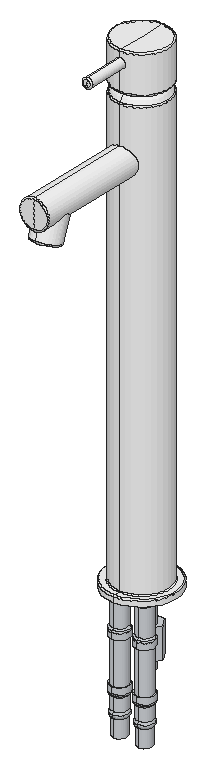
Revit family "Reece_Tap_Sussex_Scala Mini_Basin Mixer", category Plumbing Fixtures, host Face, Revit 2018
Family settings
  Host = Face
  Round Connector Dimension = Use Diameter
  Part Type = Normal
  Cut with Voids When Loaded = No
  Shared = Yes
  Room Calculation Point = Yes
Parameters (values of type "235 mm_Chrome")
  WFU = 0  # constant formula
  URL = "https://www.reece.com.au/product/-225950"
  Type Comments = "Tap"
  Reece_Tap_Reach = 78 mm  # constant formula
  Reece_Tap_Inlet = 12 mm  # constant formula
  Reece_Tap_Clearance = 235 mm
  Reece_Product_Web Page = "https://www.reece.com.au/product/-225950"
  Reece_Product_Type = "Tap"  # constant formula
  Reece_Product_Sub Brand = "Scala Mini"  # constant formula
  Reece_Product_Number = "225950"
  Reece_Product_Mount = "Hob Mounted"
  Reece_Product_Description = "Sussex Scala Mini Extended Basin Mixer Tap Chrome (5 Star)"
  Reece_Product_Brand = "Sussex"  # constant formula
  Reece_Overall_Height = 320 mm
  Reece_Overall_Diameter = 45 mm  # constant formula
  Reece_Material_Main = Reece_Brass_Chrome
  Reece_Detail_Type = "Basin Mixer"  # constant formula
  Reece_Detail_Disclaimer = "THIS FILE IS THE PROPERTY OF THE REECE GROUP. IT MAY NOT BE REPRODUCED, REVERSE-ENGINEERED OR MODIFIED. ANY REPUBLICATION, TRANSMISSION OR DISTRIBUTION FOR THE PURPOSE OF COMMERCIALLY EXPLOITING THE FILES IS PROHIBITED."  # constant formula
  Reece_Detail_Additional = "Extended"
  Model = "Scala Mini"
  Manufacturer = "Sussex"
  Keynote = "Product #225950, Reece_Tap_Sussex_Scala Mini_Basin Mixer - 235 mm_Chrome"
  HWFU = 0  # constant formula
  Disclaimer = "THIS FILE IS THE PROPERTY OF THE REECE GROUP. IT MAY NOT BE REPRODUCED, REVERSE-ENGINEERED OR MODIFIED. ANY REPUBLICATION, TRANSMISSION OR DISTRIBUTION FOR THE PURPOSE OF COMMERCIALLY EXPLOITING THE FILES IS PROHIBITED."  # constant formula
  Description = "Scala Mini Extended Basin Mixer Tap Chrome (5 Star)"
  Default Elevation = 1000 mm
  CWFU = 0  # constant formula
Types (4, lengths in mm): name | URL | Reece_Tap_Clearance | Reece_Product_Web Page | Reece_Product_Number | Reece_Product_Description | Reece_Overall_Height | Reece_Material_Main | Reece_Detail_Additional | Keynote | Description
  70 mm_Chrome | "https://www.reece.com.au/product/-225940" | 70 | "https://www.reece.com.au/product/-225940" | "225940" | "Sussex Scala Mini Basin Mixer Tap Chrome (5 Star)" | 160 | Reece_Brass_Chrome | "" | "Product #225940, Reece_Tap_Sussex_Scala Mini_Basin Mixer - 70 mm_Chrome" | "Scala Mini Basin Mixer Tap Chrome (5 Star)"
  70 mm_PVD Brushed Platinum Gold | "https://www.reece.com.au/product/-2268214" | 70 | "https://www.reece.com.au/product/-2268214" | "2268214" | "Sussex Scala Mini Basin Mixer Tap LUX PVD Brushed Platinum Gold (5 Star)" | 160 | Reece_PVD_Brushed_Platinum Gold | "" | "Product #2268214, Reece_Tap_Sussex_Scala Mini_Basin Mixer - 70 mm_PVD Brushed Platinum Gold" | "Scala Mini Basin Mixer Tap LUX PVD Brushed Platinum Gold (5 Star)"
  235 mm_Chrome | "https://www.reece.com.au/product/-225950" | 235 | "https://www.reece.com.au/product/-225950" | "225950" | "Sussex Scala Mini Extended Basin Mixer Tap Chrome (5 Star)" | 320 | Reece_Brass_Chrome | "Extended" | "Product #225950, Reece_Tap_Sussex_Scala Mini_Basin Mixer - 235 mm_Chrome" | "Scala Mini Extended Basin Mixer Tap Chrome (5 Star)"
  235 mm_PVD Brushed Platinum Gold | "https://www.reece.com.au/product/-2268215" | 235 | "https://www.reece.com.au/product/-2268215" | "2268215" | "Sussex Scala Mini Extended Basin Mixer Tap LUX PVD Brushed Platinum Gold (5 Star)" | 320 | Reece_PVD_Brushed_Platinum Gold | "Extended" | "Product #2268215, Reece_Tap_Sussex_Scala Mini_Basin Mixer - 235 mm_PVD Brushed Platinum Gold" | "Scala Mini Extended Basin Mixer Tap LUX PVD Brushed Platinum Gold (5 Star)"
Reference planes
  plane 1 "Center (Front/Back)": y = 0
  plane 2 "Bottom": z = 0
  plane 3 "Center (Left/Right)": x = 0
  plane 4 "Top": z = 320
  plane 5: z = 235
  plane 6: z = 289
  plane 7: z = 295
  plane 8: y = -78
  plane 9: z = 254.6
  plane 10: x = 17.5
  plane 11: x = -17.5
  plane 12: x = -22.5
  plane 13: x = 22.5
  plane 14: y = -87.5
  plane 15: y = 17.5
Forms (mm)
  Revolve 1, solid, material "Reece_Brass_Chrome" <- "Reece_Material_Main"
    sketch origin (0, 0, 0) x (0, 1, 0) y (0, 0, 1)
      loop
        line (-15.193, 0) -> (-15.193, 1.889) -> (0, 1.889) -> (0, 289) -> (-16.959, 289)
        arc (-16.959, 289) -> (-17.337, 288.844) -> (-17.493, 288.466) r 0.534
        line (-17.493, 288.466) -> (-17.493, 4.6)
        arc (-17.493, 4.6) -> (-17.669, 4.176) -> (-18.093, 4) r 0.6
        line (-18.093, 4) -> (-21.9, 4)
        arc (-21.9, 4) -> (-22.324, 3.824) -> (-22.5, 3.4) r 0.6
        line (-22.5, 3.4) -> (-22.5, 0) -> (-15.193, 0)
      axis (0, 289) -> (0, 0)
    angle from 0 to 360
  Revolve 2, solid, material "Reece_Brass_Chrome" <- "Reece_Material_Main"
    sketch origin (0, 64.5, 100) x (0, 0, -1) y (0, 1, 0)
      loop
        line (-189, -81.242) -> (-189, -64.5) -> (-195.595, -64.5) -> (-195.595, -76.454)
        arc (-195.595, -76.454) -> (-192.725, -79.437) -> (-189, -81.242) r 11.773
      axis (-195.595, -64.5) -> (-189, -64.5)
    angle from 0 to 360
  Revolve 3, solid, material "Reece_Brass_Chrome" <- "Reece_Material_Main"
    sketch origin (0, 64.5, 100) x (0, 0, -1) y (0, 1, 0)
      loop
        line (-212.2, -109) -> (-212.2, -73.2) -> (-215.35, -73.2) -> (-215.35, -108.385)
        arc (-215.35, -108.385) -> (-215.17, -108.82) -> (-214.735, -109) r 0.615
        line (-214.735, -109) -> (-212.2, -109)
      axis (-212.2, -109) -> (-212.2, -73.2)
    angle from 0 to 360
  Revolve 4, solid, material "Reece_Brass_Chrome" <- "Reece_Material_Main"
    sketch origin (0, 0, 19.6) x (0, 1, 0) y (0, 0, 1)
      loop
        line (0, 235) -> (0, 244.5) -> (-86.999, 244.5)
        arc (-86.999, 244.5) -> (-87.353, 244.353) -> (-87.5, 243.999) r 0.501
        line (-87.5, 243.999) -> (-87.5, 235) -> (0, 235)
      axis (0, 235) -> (-87.5, 235)
    angle from 0 to 360
  Revolve 5, solid, material "Reece_Brass_Chrome" <- "Reece_Material_Main"
    sketch origin (0, -27.039, -21.581) x (0, 0.945519, -0.325568) y (0, 0.325568, 0.945519)
      loop
        line (-139.219, 226.011) -> (-139.219, 226.829) -> (-138.402, 226.829) -> (-138.12, 226.011) -> (-131.719, 226.011) -> (-131.719, 248.687) -> (-140.719, 248.687) -> (-140.719, 226.588)
        arc (-140.719, 226.588) -> (-140.55, 226.18) -> (-140.141, 226.011) r 0.578
        line (-140.141, 226.011) -> (-139.219, 226.011)
      axis (-131.719, 248.687) -> (-131.719, 226.011)
    angle from 0 to 360
  Extrusion 6, void
    sketch origin (0, 0, 0) x (1, 0, 0) y (0, 1, 0)
      loop
        circle (0, 0) r 15.193
    from -15.592 to 15.518
  Revolve 7, solid
    sketch origin (0, -6.983, -4.38) x (0, 1, 0) y (0, 0, 1)
      loop
        line (11.924, 6.27) -> (11.924, -47)
        arc (11.924, -47) -> (12.07, -47.353) -> (12.424, -47.5) r 0.5
        line (12.424, -47.5) -> (14.924, -47.5) -> (14.924, 6.27) -> (11.924, 6.27)
      axis (14.924, -47.5) -> (14.924, 6.27)
    angle from 0 to 360
  Extrusion 8, solid
    sketch origin (619.2, -626.183, -34.38) x (1, 0, 0) y (0, 1, 0)
      loop
        circle (-619.2, 634.124) r 3
      loop
        line (-622.996, 640.698) -> (-626.791, 634.124) -> (-622.996, 627.549) -> (-615.404, 627.549) -> (-611.609, 634.124) -> (-615.404, 640.698) -> (-622.996, 640.698)
    from -10 to 10
  Revolve 9, solid
    sketch origin (-8.271, -4579.5, 333.442) x (0, 0, 1) y (0, -1, 0)
      loop
        line (-389.647, -4565.8) -> (-393.549, -4565.8)
        arc (-393.549, -4565.8) -> (-394.023, -4565.877) -> (-394.449, -4566.101) r 1.5
        line (-394.449, -4566.101) -> (-395.687, -4567.03) -> (-404.047, -4567.03) -> (-406.076, -4566.425)
        arc (-406.076, -4566.425) -> (-407.469, -4566.518) -> (-408.462, -4567.5) r 2
        line (-408.462, -4567.5) -> (-419.774, -4567.5) -> (-419.774, -4572) -> (-331.553, -4572) -> (-331.553, -4568.64) -> (-338.011, -4568.64) -> (-338.011, -4567.03) -> (-355.506, -4567.03) -> (-356.743, -4566.101)
        arc (-356.743, -4566.101) -> (-357.169, -4565.877) -> (-357.644, -4565.8) r 1.5
        line (-357.644, -4565.8) -> (-361.546, -4565.8) -> (-361.546, -4567) -> (-389.647, -4567) -> (-389.647, -4565.8)
      axis (-419.774, -4572) -> (-331.553, -4572)
    angle from 0 to 360
  Revolve 10, solid
    sketch origin (8.029, -4579.5, 333.442) x (0, 0, 1) y (0, 1, 0)
      loop
        line (-389.647, 4565.8) -> (-389.647, 4567) -> (-361.546, 4567) -> (-361.546, 4565.8) -> (-357.644, 4565.8)
        arc (-357.644, 4565.8) -> (-357.169, 4565.877) -> (-356.743, 4566.101) r 1.5
        line (-356.743, 4566.101) -> (-355.506, 4567.03) -> (-338.011, 4567.03) -> (-338.011, 4568.64) -> (-331.553, 4568.64) -> (-331.553, 4572) -> (-419.774, 4572) -> (-419.774, 4567.5) -> (-408.462, 4567.5)
        arc (-408.462, 4567.5) -> (-407.469, 4566.518) -> (-406.076, 4566.425) r 2
        line (-406.076, 4566.425) -> (-404.047, 4567.03) -> (-395.687, 4567.03) -> (-394.449, 4566.101)
        arc (-394.449, 4566.101) -> (-394.023, 4565.877) -> (-393.549, 4565.8) r 1.5
        line (-393.549, 4565.8) -> (-389.647, 4565.8)
      axis (-419.774, 4572) -> (-331.553, 4572)
    angle from 0 to 360
  Revolve 11, solid, material "Reece_Brass_Chrome" <- "Reece_Material_Main"
    sketch origin (0, 0, 0) x (0, 1, 0) y (0, 0, 1)
      loop
        line (0, 320) -> (-16.748, 320)
        arc (-16.748, 320) -> (-17.28, 319.78) -> (-17.5, 319.248) r 0.752
        line (-17.5, 319.248) -> (-17.5, 295.534)
        arc (-17.5, 295.534) -> (-17.343, 295.157) -> (-16.966, 295) r 0.534
        line (-16.966, 295) -> (0, 295) -> (0, 320)
      axis (0, 295) -> (0, 320)
    angle from 0 to 360
Cuts and joins
  joined: Revolve 1, Revolve 2, Revolve 3, Revolve 4, Revolve 5, Revolve 11
Text (mm)
  text "Reece Copyright © 2018, Reece Ltd." at (-370.184, -201.3, 0), in view "Ref. Level"
  text "Reece ©" at (44.384, 258.95, 192.345), in view "Reece Preview"
Dimensions and locks
  "Reece_Tap_Clearance": plane 5 to host face
  plane 11 to plane 10 = 35 mm
  "Reece_Overall_Diameter": plane 12 to plane 13
  "Reece_Overall_Height": plane 4 "Top" to host face
  plane 1 "Center (Front/Back)" to plane 8 = 78 mm
  plane 4 "Top" to plane 7 to plane 6 = 25 mm locked, 6 mm locked
  locked: plane 9 to plane 5 at 19.6
  "Reece_Overall_Height": plane 4 "Top" to plane 2 "Bottom"
  plane 15 to plane 14 = 105 mm
  aligned and locked: plane 2 "Bottom" to host face
  aligned and locked: level to host face
  aligned and locked: Revolve 2 to plane 6
  aligned and locked: Revolve 4 sketch curve to plane 9
Automatic sketch dimensions
  host sketch curve to host sketch curve = 380.785 mm
  host sketch curve to host sketch curve = 317.421 mm
  level to Revolve 1 sketch curve = 0 mm
  Revolve 1 sketch curve to plane 6 = 0 mm
  Revolve 1 sketch curve to plane 1 "Center (Front/Back)" = 0 mm  (x2)
  level to Revolve 1 sketch curve = 1.889 mm
  plane 1 "Center (Front/Back)" to Revolve 1 sketch curve = 15.193 mm
  Revolve 1 sketch curve to plane 6 = 0.534 mm
  plane 1 "Center (Front/Back)" to Revolve 1 sketch curve = 16.959 mm
  Revolve 1 sketch curve to Revolve 1 sketch curve = 0.6 mm  (x2)
  Revolve 1 sketch curve to Revolve 1 sketch curve = 3.807 mm
  Revolve 1 sketch curve to Revolve 1 sketch curve = 3.4 mm
  Revolve 1 sketch curve to level = 30 mm
  Revolve 1 sketch curve to Revolve 1 sketch curve = 23.111 mm
  Revolve 3 sketch curve to plane 4 "Top" = 4.65 mm
  Revolve 3 sketch curve to Revolve 3 sketch curve = 0.615 mm
  Revolve 3 sketch curve to Revolve 3 sketch curve = 3.15 mm
  Revolve 3 sketch curve to plane 8 = 33.5 mm
  plane 1 "Center (Front/Back)" to Revolve 3 sketch curve = 8.7 mm
  Revolve 3 sketch curve to Revolve 3 sketch curve = 0 mm
  Revolve 3 sketch curve to Revolve 3 sketch curve = 5 mm
  Revolve 3 sketch curve to Revolve 3 sketch curve = 2.831 mm
  plane 1 "Center (Front/Back)" to Extrusion 6 sketch curve = 0 mm
  Extrusion 6 sketch curve to plane 3 "Center (Left/Right)" = 0 mm
  Revolve 7 sketch curve to plane 1 "Center (Front/Back)" = 4.941 mm
  Revolve 7 sketch curve to Revolve 7 sketch curve = 0.5 mm
  Revolve 7 sketch curve to Revolve 7 sketch curve = 2.5 mm
  Revolve 7 sketch curve to level = 51.88 mm
  level to Revolve 7 sketch curve = 1.889 mm
  Revolve 7 sketch curve to plane 1 "Center (Front/Back)" = 7.941 mm
  Revolve 7 sketch curve to Revolve 7 sketch curve = 0 mm
  Revolve 7 sketch curve to Revolve 7 sketch curve = 13.87 mm
  Extrusion 8 sketch curve to Extrusion 8 sketch curve = 0 mm  (x3)
  Extrusion 8 sketch curve to plane 3 "Center (Left/Right)" = 0 mm
  Extrusion 8 sketch curve to plane 3 "Center (Left/Right)" = 3.796 mm  (x2)
  Extrusion 8 sketch curve to plane 1 "Center (Front/Back)" = 1.367 mm
  Extrusion 8 sketch curve to plane 3 "Center (Left/Right)" = 7.591 mm
  plane 3 "Center (Left/Right)" to Extrusion 8 sketch curve = 3.796 mm  (x2)
  Extrusion 8 sketch curve to Extrusion 8 sketch curve = 3.796 mm
  Extrusion 8 sketch curve to Extrusion 8 sketch curve = 6.574 mm  (x3)
  Extrusion 8 sketch curve to Extrusion 8 sketch curve = 3 mm
  plane 1 "Center (Front/Back)" to Revolve 9 sketch curve = 12 mm
  Revolve 9 sketch curve to level = 86.332 mm
  Revolve 9 sketch curve to Revolve 9 sketch curve = 11.313 mm
  Revolve 9 sketch curve to Revolve 9 sketch curve = 1.814 mm
  plane 1 "Center (Front/Back)" to Revolve 9 sketch curve = 13.075 mm
  Revolve 9 sketch curve to Revolve 9 sketch curve = 0.571 mm
  plane 1 "Center (Front/Back)" to Revolve 9 sketch curve = 12.47 mm
  Revolve 9 sketch curve to Revolve 9 sketch curve = 2.029 mm
  Revolve 9 sketch curve to Revolve 9 sketch curve = 8.36 mm
  Revolve 9 sketch curve to Revolve 9 sketch curve = 1.238 mm  (x2)
  Revolve 9 sketch curve to Revolve 9 sketch curve = 0.901 mm  (x2)
  Revolve 9 sketch curve to Revolve 9 sketch curve = 3.901 mm  (x2)
  Revolve 9 sketch curve to level = 28.103 mm
  Revolve 9 sketch curve to Revolve 9 sketch curve = 17.495 mm
  Revolve 9 sketch curve to Revolve 9 sketch curve = 6.458 mm
  plane 1 "Center (Front/Back)" to Revolve 9 sketch curve = 10.86 mm
  Revolve 9 sketch curve to Revolve 9 sketch curve = 4.5 mm
  Revolve 9 sketch curve to Revolve 9 sketch curve = 0.27 mm
  plane 1 "Center (Front/Back)" to Revolve 9 sketch curve = 12.2 mm
  Revolve 9 sketch curve to Revolve 9 sketch curve = 1.61 mm
  Revolve 9 sketch curve to Revolve 9 sketch curve = 0.3 mm
  Revolve 9 sketch curve to Revolve 9 sketch curve = 1.199 mm  (x2)
  plane 1 "Center (Front/Back)" to Revolve 9 sketch curve = 7.5 mm
  Revolve 9 sketch curve to Revolve 9 sketch curve = 71.41 mm
  Revolve 9 sketch curve to Revolve 9 sketch curve = 3.412 mm
  plane 1 "Center (Front/Back)" to Revolve 10 sketch curve = 12 mm
  Revolve 10 sketch curve to level = 86.332 mm
  Revolve 10 sketch curve to Revolve 10 sketch curve = 11.313 mm
  Revolve 10 sketch curve to Revolve 10 sketch curve = 1.814 mm
  plane 1 "Center (Front/Back)" to Revolve 10 sketch curve = 13.075 mm
  Revolve 10 sketch curve to Revolve 10 sketch curve = 0.571 mm
  plane 1 "Center (Front/Back)" to Revolve 10 sketch curve = 12.47 mm  (x2)
  Revolve 10 sketch curve to Revolve 10 sketch curve = 2.029 mm
  Revolve 10 sketch curve to Revolve 10 sketch curve = 8.36 mm
  Revolve 10 sketch curve to Revolve 10 sketch curve = 1.238 mm  (x2)
  Revolve 10 sketch curve to Revolve 10 sketch curve = 0.901 mm  (x2)
  Revolve 10 sketch curve to Revolve 10 sketch curve = 3.901 mm  (x2)
  Revolve 10 sketch curve to level = 28.103 mm
  Revolve 10 sketch curve to Revolve 10 sketch curve = 17.495 mm
  Revolve 10 sketch curve to Revolve 10 sketch curve = 6.458 mm
  Revolve 10 sketch curve to Revolve 10 sketch curve = 0.929 mm
  plane 1 "Center (Front/Back)" to Revolve 10 sketch curve = 13.399 mm
  Revolve 10 sketch curve to Revolve 10 sketch curve = 0.301 mm  (x2)
  Revolve 10 sketch curve to Revolve 10 sketch curve = 1.2 mm
  Revolve 10 sketch curve to Revolve 10 sketch curve = 1.61 mm
  Revolve 10 sketch curve to Revolve 10 sketch curve = 4.5 mm
  plane 1 "Center (Front/Back)" to Revolve 10 sketch curve = 7.5 mm
  Revolve 10 sketch curve to Revolve 10 sketch curve = 71.41 mm
  Revolve 10 sketch curve to Revolve 10 sketch curve = 3.412 mm
  Revolve 11 sketch curve to plane 7 = 0 mm
  Revolve 11 sketch curve to plane 4 "Top" = 0 mm
  Revolve 11 sketch curve to plane 1 "Center (Front/Back)" = 0 mm  (x2)
  plane 1 "Center (Front/Back)" to Revolve 11 sketch curve = 16.748 mm
  plane 7 to Revolve 11 sketch curve = 0.534 mm
  plane 1 "Center (Front/Back)" to Revolve 11 sketch curve = 16.966 mm
  Revolve 11 sketch curve to Revolve 11 sketch curve = 4.31 mm
  plane 4 "Top" to Revolve 11 sketch curve = 1.708 mm
  Revolve 2 sketch curve to plane 1 "Center (Front/Back)" = 0 mm  (x2)
  Revolve 2 sketch curve to plane 6 = 0 mm
  plane 7 to Revolve 2 sketch curve = 0.595 mm
  Revolve 2 sketch curve to plane 6 = 3.191 mm
  plane 1 "Center (Front/Back)" to Revolve 2 sketch curve = 5.41 mm
  Revolve 2 sketch curve to Revolve 2 sketch curve = 6.544 mm
  Revolve 2 sketch curve to plane 7 = 0.299 mm
  Revolve 2 sketch curve to plane 6 = 1.467 mm
  Revolve 4 sketch curve to plane 9 = 0 mm
  Revolve 4 sketch curve to plane 8 = 0 mm
  Revolve 4 sketch curve to plane 1 "Center (Front/Back)" = 0 mm
  Revolve 4 sketch curve to plane 14 = 0.501 mm
  Revolve 4 sketch curve to plane 14 = 0 mm
  plane 9 to Revolve 4 sketch curve = 8.999 mm
  plane 14 to Revolve 4 sketch curve = 2.42 mm
  Revolve 5 sketch curve to plane 5 = 0 mm
  Revolve 5 sketch curve to plane 8 = 0 mm
  Revolve 5 sketch curve to Revolve 5 sketch curve = 6.683 mm
  Revolve 5 sketch curve to Revolve 5 sketch curve = 0.817 mm
  Revolve 5 sketch curve to Revolve 5 sketch curve = 0.922 mm
  Revolve 5 sketch curve to Revolve 5 sketch curve = 9 mm
  Revolve 5 sketch curve to Revolve 5 sketch curve = 0 mm  (x2)
  Revolve 5 sketch curve to Revolve 5 sketch curve = 0.819 mm
  Revolve 5 sketch curve to Revolve 5 sketch curve = 0.282 mm
  Revolve 5 sketch curve to Revolve 5 sketch curve = 7.871 mm
  Revolve 5 sketch curve to Revolve 5 sketch curve = 9.018 mm
  Revolve 5 sketch curve to Revolve 5 sketch curve = 13.658 mm
  radius of Extrusion 6 sketch curve = 15.193 mm
Connectors
  piping at (-8.271, -7.5, -86.332), diameter 12, driven by "Reece_Tap_Inlet"
    settings: on Revolve 9, index 1, connector inside diameter 609.6 mm, connector length 0 mm, flow factor 0, pipe flow 0.0 L/s, pressure drop 0.0 Pa, fitting loss kfactor 0, connector angle 0.00°, fixture units 0, engagement length 0 mm, angle of deflection 0.00°, flow configuration 0, flow direction 1, fitting loss method 0, system type 29, joint type 0, gender type 0, connector reference index -1, connector utility 0, adjustable connector no, is connector primary yes, connector description ""
  piping at (8.029, -7.5, -86.332), diameter 12, driven by "Reece_Tap_Inlet"
    settings: on Revolve 10, index 2, connector inside diameter 609.6 mm, connector length 0 mm, flow factor 0, pipe flow 0.0 L/s, pressure drop 0.0 Pa, fitting loss kfactor 0, connector angle 0.00°, fixture units 0, engagement length 0 mm, angle of deflection 0.00°, flow configuration 0, flow direction 1, fitting loss method 0, system type 29, joint type 0, gender type 0, connector reference index -1, connector utility 0, adjustable connector no, is connector primary no, connector description ""
